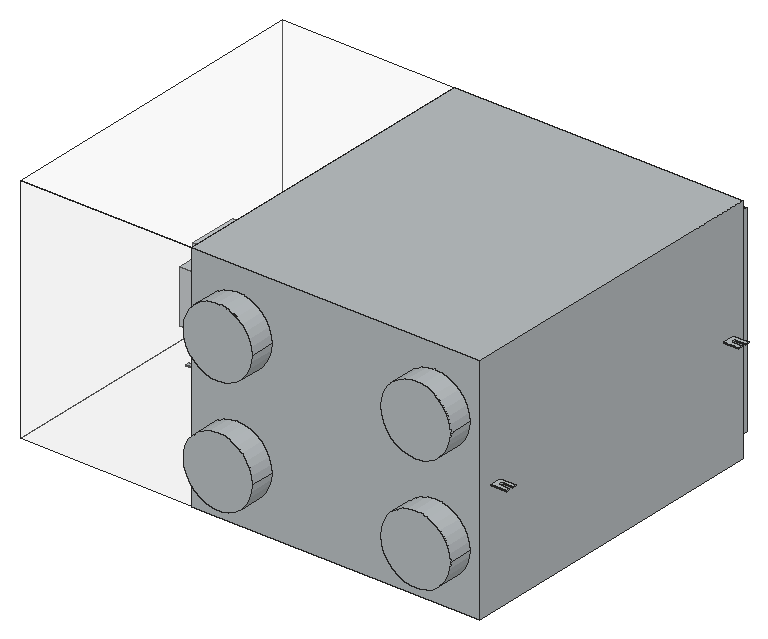
Revit family "lgh-n150_200rxvd-c_60Hz", category 機械設備, Revit 2019
Family settings
  丸型コネクタ寸法 = 直径を使用
  パーツ タイプ = 標準
  OmniClass 番号 = 23.75.10.34.21
  OmniClass タイトル = Heat Exchangers for Ventilation Air
  作業面ベース = いいえ
  常に垂直 = はい
  ロード時にボイドで切り取り = いいえ
  共有 = いいえ
  部屋計算ポイント = はい
Parameters (values of type "LGH-N150RXVD-C")
  騒音レベル(dB(A)) = 38.5
  風量 = 1500.0 m³/h
  面風速 = 8.5 m/s
  電源種別 [instance] = "一般"
  電圧 = 200 V
  電動機出力 = 0 W
  集中コントローラ = ""
  運転質量 = 0.00 kg
  連動 [instance] = ""
  質量 = if(製品質量 > 運転質量, 製品質量, 運転質量) * 1.2  # 128.40 kg
  負荷分類 = 3_ファン類
  説明 = "業務用ロスナイ 天井埋込形 DCマイコン CO2センサー付"
  設計風量 = 0.0 m³/h
  設置方法 = "天井吊(隠ぺい)形"
  記号 [instance] = ""
  製造元 = "三菱電機株式会社"
  製品質量 = 107.00 kg
  製品出荷対象 = "国内"
  製品リリース年月 = "2020/10/1"
  製品グループ = ""
  系統 [instance] = ""
  符号 = "HEU"
  積算_科目 = "1 空気調和設備"
  積算_拾い区分 [instance] = ""
  相 = 1
  盤記号 [instance] = ""
  発停方法 [instance] = "別売リモコン"
  特殊仕様 [instance] = ""
  点検口高さ = -Height  # -808 mm
  点検口離隔 = 150 mm
  点検口_Depth = 450 mm
  点検口 = yes
  火災停止 [instance] = ""
  温度交換効率 = 74.00%
  消費電力 = 900 W
  法定耐用年数 = "15"
  機外静圧_排気 = 275.0 Pa
  機外静圧 = 275.0 Pa
  極数 = 3
  材質 [instance] = ""
  本体マテリアル = 溶融亜鉛めっき鋼板
  操作・制御方式 = ""
  操作・制御スイッチ = ""
  排気量 = 0.0 m³/h
  形式 = "天井埋込ダクト形"
  幹線記号 [instance] = ""
  対象室 [instance] = ""
  実風量 = 0.0 m³/h
  始動方式 [instance] = "直入"
  天吊金具_径 = 7.5 mm
  天吊金具_幅 = 30 mm
  外気量 = 0.0 m³/h
  呼称 = "全熱交換ユニット"
  周波数 = 60 Hz
  天吊金具ピッチ2 = 1015 mm
  天吊金具ピッチ1 = 1057 mm
  天吊金具_高さ = 404 mm
  参照している仕様書等のバージョン = ""
  初期抵抗 = 0.0 Pa
  分類コード = "50052504100070"
  分類グループ = ""
  価格 = 1183200
  企業コード = "108420"
  付属品_フィルター_還気 = ""
  付属品_フィルター = ""
  付属品 [instance] = ""
  仕様書バージョン = "Version1.0"
  モデル = "LGH-N150RXVD-C"
  メンテナンススペース = yes
  コメント [instance] = ""
  Keynote = ""
  エンタルピ交換効率_暖房 = 76.00%
  エンタルピ交換効率_冷房 = 66.00%
  Assembly Code = ""
  Width = 1004 mm
  Version = ""
  Uniclass2015Version = "Systems v1.9"
  Uniclass2015Title = "Thermal wheels"
  Uniclass2015Code = "Pr_60_60_36_88"
  URL = "https://www.mitsubishielectric.co.jp/ldg/wink/ssl/displayProduct.do?pid=309790"
  SpecificationReference = ""
  SpecificationDescription = ""
  Sensor_Width = 184 mm
  Sensor_D = 176 mm
  Sensor_Height = 183 mm
  Sensor_H = 201 mm
  Sensor_Depth = 115 mm
  SMAX風量 = 1500.0 m³/h
  SMAX静圧 = 275.0 Pa
  SAサイズ_D = 242 mm
  Revision = ""
  RAサイズ_D = 242 mm
  ProductInformation = ""
  OmniClassCode = "23-27 23 19 11"
  OAサイズ_W = 270 mm
  OAサイズ_D = 700 mm
  MIN風量 = 660.0 m³/h
  MIN静圧 = 47.0 Pa
  MID風量 = 1080.0 m³/h
  MID静圧 = 127.0 Pa
  MAX風量 = 1500.0 m³/h
  MAX静圧 = 245.0 Pa
  IfcTypeProduct = ""
  IfcProduct = ""
  IfcExportType = "ROTARYWHEEL"
  IfcExportAs = "IfcAirToAirHeatRecoveryType"
  Height = 808 mm
  EAサイズ_W = 270 mm
  EAサイズ_D = 700 mm
  Duct_Pitch = 690 mm
  Duct_Height = 202 mm
  Duct_Depth_SA_RA = 84 mm
  Duct_Depth_OA_EA = 49 mm
  Depth = 1144 mm
  Clearance Top = 0 mm
  Clearance Left = 600 mm
  Clearance Bottom = 0 mm
  Box_Width = 115 mm
  Box_Height = 669 mm
  Box_H = 88 mm
  Box_Depth = 175 mm
  Box_D = 145 mm
  Author = "三菱電機株式会社"
Types (2, lengths in mm): name | 騒音レベル(dB(A)) | 風量 | 面風速 | 質量 | 製品質量 | 温度交換効率 | 消費電力 | 機外静圧_排気 | 機外静圧 | 天吊金具ピッチ1 | 価格 | モデル | エンタルピ交換効率_暖房 | エンタルピ交換効率_冷房 | Width | URL | SMAX風量 | SMAX静圧 | MIN風量 | MIN静圧 | MID風量 | MID静圧 | MAX風量 | MAX静圧 | Duct_Pitch
  LGH-N150RXVD-C | 38.5 | 1500.0 m³/h | 8.5 m/s | 128.40 kg | 107.00 kg | 74.00% | 900 W | 275.0 Pa | 275.0 Pa | 1057 | 1183200 | "LGH-N150RXVD-C" | 76.00% | 66.00% | 1004 | "https://www.mitsubishielectric.co.jp/ldg/wink/ssl/displayProduct.do?pid=309790" | 1500.0 m³/h | 275.0 Pa | 660.0 m³/h | 47.0 Pa | 1080.0 m³/h | 127.0 Pa | 1500.0 m³/h | 245.0 Pa | 690
  LGH-N200RXVD-C | 41 | 2000.0 m³/h | 11.3 m/s | 140.40 kg | 117.00 kg | 73.00% | 1160 W | 225.0 Pa | 225.0 Pa | 1284 | 1321200 | "LGH-N200RXVD-C" | 75.00% | 65.00% | 1231 | "https://www.mitsubishielectric.co.jp/ldg/wink/ssl/displayProduct.do?pid=309792" | 2000.0 m³/h | 225.0 Pa | 880.0 m³/h | 32.0 Pa | 1440.0 m³/h | 86.0 Pa | 2000.0 m³/h | 165.0 Pa | 917
Reference planes
  plane 1 "中心(正面/背面)": y = 0
  plane 2: z = 0
  plane 3 "中心(左/右)": x = 0
  plane 4: x = -502
  plane 5: x = 502
  plane 6: y = 572
  plane 7: y = -572
  plane 8: z = -808
  plane 9: z = -202
  plane 10: x = -345
  plane 11: x = 345
  plane 12: y = -656
  plane 13: y = 621
  plane 14: x = -586
  plane 15: x = 586
  plane 16: x = -1102
  plane 17: y = -427
  plane 18: y = -252
  plane 19: z = -88
  plane 20: z = -757
  plane 21: x = -617
  plane 22: x = -652
  plane 23: y = 225
  plane 24: x = -528.5
  plane 25: x = 528.5
  plane 26: y = 507.5
  plane 27: y = -507.5
  plane 28: y = -225
  plane 29: x = -558.5
  plane 30: y = 527.5
  plane 31: y = 487.5
  plane 32: y = -487.5
  plane 33: y = -527.5
  plane 34: z = -5
  plane 35: z = -404
  plane 36: z = -407
  plane 37: x = 558.5
  plane 38: z = -404
  plane 39: x = 480
  plane 40: x = 210
  plane 41: x = -480
  plane 42: x = -210
  plane 43: z = -54
  plane 44: z = -754
  plane 45: z = -54
  plane 46: z = -754
  plane 47: z = -606
  plane 48: y = -396
  plane 49: y = -281
  plane 50: z = -201
  plane 51: z = -384
  plane 52: x = -686
  plane 53: z = 0
  plane 54: z = -808
Forms (mm)
  Extrusion 1, solid, material "溶融亜鉛めっき鋼板" <- "本体マテリアル", detail levels fine
    sketch origin (0, 0, 0) x (1, 0, 0) y (0, 1, 0)
      loop
        line (-502, 572) -> (-502, -572) -> (502, -572) -> (502, 572) -> (-502, 572)
    from 0 to -808
  Extrusion 2, solid, material "溶融亜鉛めっき鋼板" <- "本体マテリアル", detail levels fine
    sketch origin (502, -572, 0) x (-1, 0, 0) y (0, 0, -1)
      loop
        circle (847, 202) r 121
    from 0 to 84
  Extrusion 3, solid, material "溶融亜鉛めっき鋼板" <- "本体マテリアル", detail levels fine
    sketch origin (510, -445, 0) x (-1, 0, 0) y (0, 0, -1)
      loop
        circle (165, 202) r 121
    from 127 to 211
  Extrusion 4, solid, material "溶融亜鉛めっき鋼板" <- "本体マテリアル", detail levels fine
    sketch origin (-502, -572, 0) x (0, 1, 0) y (0, 0, -1)
      loop
        line (320, 88) -> (320, 757) -> (145, 757) -> (145, 88) -> (320, 88)
    from 0 to 115
  Extrusion 5, solid, material "溶融亜鉛めっき鋼板" <- "本体マテリアル", detail levels fine
    sketch origin (0, 0, 0) x (1, 0, 0) y (0, 1, 0)
      loop
        line (-558.5, 527.5) -> (-558.5, 515) -> (-528.5, 515)
        arc (-528.5, 515) -> (-521, 507.5) -> (-528.5, 500) r 7.5
        line (-528.5, 500) -> (-558.5, 500) -> (-558.5, 487.5) -> (-502, 487.5) -> (-502, 527.5) -> (-558.5, 527.5)
    from -404 to -407
  Extrusion 6, solid, material "溶融亜鉛めっき鋼板" <- "本体マテリアル", detail levels fine
    sketch origin (0, 0, 0) x (1, 0, 0) y (0, 1, 0)
      loop
        line (-558.5, -527.5) -> (-502, -527.5) -> (-502, -487.5) -> (-558.5, -487.5) -> (-558.5, -500) -> (-528.5, -500)
        arc (-528.5, -500) -> (-521, -507.5) -> (-528.5, -515) r 7.5
        line (-528.5, -515) -> (-558.5, -515) -> (-558.5, -527.5)
    from -404 to -407
  Extrusion 7, solid, material "溶融亜鉛めっき鋼板" <- "本体マテリアル", detail levels fine
    sketch origin (0, 0, 0) x (-1, 0, 0) y (0, -1, 0)
      loop
        line (-558.5, 527.5) -> (-558.5, 515) -> (-528.5, 515)
        arc (-528.5, 515) -> (-521, 507.5) -> (-528.5, 500) r 7.5
        line (-528.5, 500) -> (-558.5, 500) -> (-558.5, 487.5) -> (-502, 487.5) -> (-502, 527.5) -> (-558.5, 527.5)
    from -404 to -407
  Extrusion 8, solid, material "溶融亜鉛めっき鋼板" <- "本体マテリアル", detail levels fine
    sketch origin (0, 0, 0) x (-1, 0, 0) y (0, -1, 0)
      loop
        line (-558.5, -527.5) -> (-502, -527.5) -> (-502, -487.5) -> (-558.5, -487.5) -> (-558.5, -500) -> (-528.5, -500)
        arc (-528.5, -500) -> (-521, -507.5) -> (-528.5, -515) r 7.5
        line (-528.5, -515) -> (-558.5, -515) -> (-558.5, -527.5)
    from -404 to -407
  Extrusion 9, solid, material "溶融亜鉛めっき鋼板" <- "本体マテリアル", detail levels fine
    sketch origin (0, 0, 0) x (1, 0, 0) y (0, 0, 1)
      loop
        circle (-345, -606) r 121
    from 572 to 656
  Extrusion 10, solid, material "溶融亜鉛めっき鋼板" <- "本体マテリアル", detail levels fine
    sketch origin (0, 0, 0) x (1, 0, 0) y (0, 0, 1)
      loop
        circle (345, -606) r 121
    from 572 to 656
  Extrusion 11, solid, material "溶融亜鉛めっき鋼板" <- "本体マテリアル", detail levels fine
    sketch origin (0, 0, 0) x (1, 0, 0) y (0, 0, 1)
      loop
        line (480, -754) -> (480, -54) -> (210, -54) -> (210, -754) -> (480, -754)
    from -621 to -572
  Extrusion 12, solid, material "溶融亜鉛めっき鋼板" <- "本体マテリアル", detail levels fine
    sketch origin (0, 0, 0) x (1, 0, 0) y (0, 0, 1)
      loop
        line (-480, -754) -> (-210, -754) -> (-210, -54) -> (-480, -54) -> (-480, -754)
    from -621 to -572
  Extrusion 13, solid, material "溶融亜鉛めっき鋼板" <- "本体マテリアル", detail levels fine
    sketch origin (0, 0, 0) x (0, 1, 0) y (0, 0, 1)
      loop
        line (-281, -201) -> (-396, -201) -> (-396, -384) -> (-281, -384) -> (-281, -201)
    from -686 to -617
Lines and regions (mm)
  Masking region 1, detail levels coarse+medium
    outline origin (1326.5, 29, 0) x (1, 0, 0) y (0, 1, 0)
      loop
        line (-1828.5, 543) -> (-1828.5, -601) -> (-824.5, -601) -> (-824.5, 543) -> (-1828.5, 543)
  symbolic lines, detail levels coarse+medium
    curve 1: line (0, 572, 0) -> (-502, 0, 0)
    curve 2: line (-502, 0, 0) -> (0, -572, 0)
    curve 3: line (0, -572, 0) -> (502, 0, 0)
    curve 4: line (502, 0, 0) -> (0, 572, 0)
Dimensions and locks
  equal spacing: plane 4, plane 3 "中心(左/右)", plane 5
  "Width": plane 4 to plane 5
  equal spacing: plane 6, plane 1 "中心(正面/背面)", plane 7
  "Depth": plane 6 to plane 7
  "Height": level to plane 8
  "Duct_Height": level to plane 9
  equal spacing: plane 11, plane 3 "中心(左/右)", plane 10
  "Duct_Pitch": plane 11 to plane 10
  "Duct_Depth_OA_EA": plane 13 to plane 6
  "Duct_Depth_SA_RA": plane 7 to plane 12
  "Duct_Depth_SA_RA": plane 5 to plane 15
  "Duct_Depth_SA_RA": plane 14 to plane 4
  "Clearance Left": plane 16 to plane 4
  "Box_H": level to plane 19
  "Box_Height": plane 19 to plane 20
  "Box_D": plane 17 to plane 7
  "Box_Depth": plane 18 to plane 17
  "Box_Width": plane 21 to plane 4
  "点検口離隔": plane 22 to plane 4
  equal spacing: plane 24, plane 3 "中心(左/右)", plane 25
  "天吊金具ピッチ1": plane 24 to plane 25
  equal spacing: plane 26, plane 1 "中心(正面/背面)", plane 27
  "天吊金具ピッチ2": plane 26 to plane 27
  equal spacing: plane 23, plane 1 "中心(正面/背面)", plane 28
  "点検口_Depth": plane 23 to plane 28
  equal spacing: plane 30, plane 26, plane 31
  locked: plane 30 to plane 31 at 40
  "天吊金具_幅": plane 29 to plane 24
  "天吊金具_高さ": level to plane 35
  locked: plane 35 to plane 36 at 3
  equal spacing: plane 32, plane 27, plane 33
  locked: plane 32 to plane 33 at 40
  "天吊金具_幅": plane 25 to plane 37
  equal spacing: plane 8, plane 38, level
  equal spacing: plane 40, plane 11, plane 39
  "EAサイズ_W": plane 40 to plane 39
  equal spacing: plane 42, plane 10, plane 41
  "OAサイズ_W": plane 42 to plane 41
  equal spacing: plane 44, plane 38, plane 43
  "EAサイズ_D": plane 44 to plane 43
  "OAサイズ_D": plane 46 to plane 45
  equal spacing: plane 46, plane 38, plane 45
  "Duct_Height": plane 38 to plane 47
  "Sensor_D": plane 48 to plane 7
  "Sensor_Depth": plane 49 to plane 48
  "Sensor_H": level to plane 50
  "Sensor_Height": plane 50 to plane 51
  "Sensor_Width": plane 52 to plane 4
  "Clearance Bottom": plane 8 to plane 54
  "Clearance Top": plane 53 to level
  "RAサイズ_D": diameter of Extrusion 3 sketch curve
  "天吊金具_径": radius of Extrusion 5 sketch curve
  "天吊金具_径": radius of Extrusion 6 sketch curve
  "天吊金具_径": radius of Extrusion 7 sketch curve
  "天吊金具_径": radius of Extrusion 8 sketch curve
  "SAサイズ_D": diameter of Extrusion 9 sketch curve
  "RAサイズ_D": diameter of Extrusion 10 sketch curve
  "SAサイズ_D": diameter of Extrusion 2 sketch curve
  aligned and locked: level to plane 2
  aligned and locked: Extrusion 1 to plane 8
  aligned and locked: Extrusion 2 to plane 12
  aligned and locked: plane 7 to Extrusion 2
  aligned and locked: plane 7 to Extrusion 3
  aligned and locked: Extrusion 3 to plane 12
  aligned and locked: plane 16 to nested 1
  aligned and locked: plane 4 to nested 1
  aligned and locked: nested 1 to plane 6
  aligned and locked: nested 1 to plane 7
  aligned and locked: Extrusion 4 to plane 21
  aligned and locked: plane 4 to Extrusion 4
  aligned and locked: Masking region 1 to plane 4
  aligned and locked: plane 5 to Masking region 1
  aligned and locked: plane 6 to Masking region 1
  aligned and locked: Masking region 1 to plane 7
  aligned and locked: plane 25 to nested 2
  aligned and locked: plane 24 to nested 2
  aligned and locked: nested 2 to plane 27
  aligned and locked: plane 26 to nested 2
  aligned and locked: Extrusion 4 to plane 18
  aligned and locked: Extrusion 4 to plane 20
  aligned and locked: plane 19 to Extrusion 4
  aligned and locked: Extrusion 4 to plane 17
  aligned and locked: plane 22 to nested 3
  aligned and locked: plane 16 to nested 3
  aligned and locked: plane 23 to nested 3
  aligned and locked: nested 3 to plane 28
  aligned and locked: plane 29 to Extrusion 5 sketch curve  (x2)
  aligned and locked: Extrusion 5 sketch curve to plane 4
  aligned and locked: plane 31 to Extrusion 5 sketch curve
  aligned and locked: Extrusion 5 sketch curve to plane 30
  aligned and locked: Extrusion 5 to plane 35
  aligned and locked: Extrusion 5 to plane 36
  aligned and locked: Extrusion 6 sketch curve to plane 29  (x2)
  aligned and locked: plane 32 to Extrusion 6 sketch curve
  aligned and locked: Extrusion 6 sketch curve to plane 33
  aligned and locked: plane 4 to Extrusion 6 sketch curve
  aligned and locked: plane 35 to Extrusion 6
  aligned and locked: Extrusion 6 to plane 36
  aligned and locked: plane 37 to Extrusion 7 sketch curve  (x2)
  aligned and locked: Extrusion 7 sketch curve to plane 32
  aligned and locked: plane 33 to Extrusion 7 sketch curve
  aligned and locked: plane 5 to Extrusion 7 sketch curve
  aligned and locked: Extrusion 7 to plane 36
  aligned and locked: plane 35 to Extrusion 7
  aligned and locked: Extrusion 8 sketch curve to plane 37  (x2)
  aligned and locked: Extrusion 8 sketch curve to plane 31
  aligned and locked: plane 30 to Extrusion 8 sketch curve
  aligned and locked: Extrusion 8 sketch curve to plane 5
  aligned and locked: plane 35 to Extrusion 8
  aligned and locked: Extrusion 8 to plane 36
  aligned and locked: Extrusion 9 to plane 12
  aligned and locked: plane 7 to Extrusion 9
  aligned and locked: Extrusion 10 to plane 12
  aligned and locked: plane 7 to Extrusion 10
  aligned and locked: plane 44 to Extrusion 11 sketch curve
  aligned and locked: plane 39 to Extrusion 11 sketch curve
  aligned and locked: Extrusion 11 sketch curve to plane 43
  aligned and locked: Extrusion 11 sketch curve to plane 40
  aligned and locked: Extrusion 12 sketch curve to plane 46
  aligned and locked: Extrusion 12 sketch curve to plane 41
  aligned and locked: plane 45 to Extrusion 12 sketch curve
  aligned and locked: plane 42 to Extrusion 12 sketch curve
  aligned and locked: plane 13 to Extrusion 12
  aligned and locked: Extrusion 12 to plane 6
  aligned and locked: plane 13 to Extrusion 11
  aligned and locked: Extrusion 11 to plane 6
  aligned and locked: plane 50 to Extrusion 13 sketch curve
  aligned and locked: Extrusion 13 sketch curve to plane 49
  aligned and locked: Extrusion 13 sketch curve to plane 51
  aligned and locked: plane 48 to Extrusion 13 sketch curve
  aligned and locked: Extrusion 13 to Extrusion 4
  aligned and locked: plane 52 to Extrusion 13
  aligned and locked: plane 53 to nested 1
  aligned and locked: plane 54 to nested 1
Automatic sketch dimensions
  plane 1 "中心(正面/背面)" to curve 1 = 0 mm
  curve 1 to plane 4 = 0 mm
  curve 2 to plane 3 "中心(左/右)" = 0 mm
  curve 4 to plane 3 "中心(左/右)" = 0 mm
  plane 1 "中心(正面/背面)" to curve 4 = 0 mm
  curve 4 to plane 5 = 0 mm
  curve 2 to plane 7 = 0 mm
  curve 4 to plane 6 = 0 mm
  Extrusion 1 sketch curve to plane 4 = 0 mm
  Extrusion 1 sketch curve to plane 5 = 0 mm
  Extrusion 1 sketch curve to plane 7 = 0 mm
  Extrusion 1 sketch curve to plane 6 = 0 mm
  Extrusion 3 sketch curve to plane 9 = 0 mm
  Extrusion 3 sketch curve to plane 11 = 0 mm
  Extrusion 4 sketch curve to Extrusion 1 = 145 mm
  Extrusion 1 to Extrusion 4 sketch curve = 51 mm
  Extrusion 4 sketch curve to Extrusion 4 sketch curve = 175 mm
  Extrusion 1 to Extrusion 4 sketch curve = 88 mm
  Masking region 1 sketch curve to plane 4 = 0 mm
  Masking region 1 sketch curve to plane 5 = 0 mm
  Masking region 1 sketch curve to plane 7 = 0 mm
  Masking region 1 sketch curve to plane 6 = 0 mm
  Extrusion 9 sketch curve to plane 10 = 0 mm
  Extrusion 9 sketch curve to plane 47 = 0 mm
  Extrusion 10 sketch curve to plane 11 = 0 mm
  Extrusion 10 sketch curve to plane 47 = 0 mm
  Extrusion 1 to Extrusion 2 sketch curve = 157 mm
  Extrusion 1 to Extrusion 2 sketch curve = 202 mm
  Extrusion 5 sketch curve to plane 24 = 0 mm
  Extrusion 5 sketch curve to plane 26 = 0 mm
  Extrusion 6 sketch curve to plane 24 = 0 mm
  Extrusion 6 sketch curve to plane 27 = 0 mm
  Extrusion 7 sketch curve to plane 25 = 0 mm
  Extrusion 7 sketch curve to plane 27 = 0 mm
  Extrusion 8 sketch curve to plane 25 = 0 mm
  Extrusion 8 sketch curve to plane 26 = 0 mm
Nested families
  nested 1: "メンテナンススペース" at (-802, 0, -404), visible <- "メンテナンススペース", type "メンテナンススペース"
    with Width 600 mm, Height 808 mm, Depth 1144 mm
  nested 2: "固定点" at (-528.5, -507.5, 0), type "固定点"
    with W 1057 mm, D 1015 mm
  nested 3: "点検口設置範囲" at (-877, 0, -808), built-in parameter 1001364 <- "点検口高さ", visible <- "点検口", type "点検口設置範囲"
    with Width 450 mm, Depth 450 mm
Connectors
  hvac at (-345, -656, -202), driven by "SAサイズ_D", driven by "機外静圧", driven by "風量"
    settings: on Extrusion 2, index 1, duct flow 1500.0 m³/h, flow factor 0, pres drop 275.0 Pa, loss coef 0, conn angle 0.00°, conn width 304.8 mm, conn height 304.8 mm, conn diameter 242 mm, duct sys type 1, conn prof type 0, flow config 0, flow direction 2, loss method 4, conn ref index -1, conn util no, is conn primary yes, conn desc ""
  hvac at (345, -656, -202), driven by "RAサイズ_D", driven by "機外静圧", driven by "風量"
    settings: on Extrusion 3, index 2, duct flow 1500.0 m³/h, flow factor 0, pres drop 275.0 Pa, loss coef 0, conn angle 0.00°, conn width 304.8 mm, conn height 304.8 mm, conn diameter 242 mm, duct sys type 2, conn prof type 0, flow config 0, flow direction 1, loss method 4, conn ref index -1, conn util no, is conn primary no, conn desc ""
  electrical at (-559.5, -427, -422.5), driven by "負荷分類", driven by "極数", driven by "電圧", driven by "消費電力"
    settings: on Extrusion 4, index 7, voltage 200 V, apparent load 900 VA, apparent load phase1 0 VA, apparent load phase2 0 VA, apparent load phase3 0 VA, power factor 1, load classification "3_ファン類", number of poles 3, system type 30, power factor state 1, is connector primary yes, connector utility no, sub classification motor no, connector description ""
  hvac at (-345, -656, -606), driven by "SAサイズ_D", driven by "機外静圧", driven by "風量"
    settings: on Extrusion 9, index 8, duct flow 1500.0 m³/h, flow factor 0, pres drop 275.0 Pa, loss coef 0, conn angle 0.00°, conn width 304.8 mm, conn height 304.8 mm, conn diameter 242 mm, duct sys type 1, conn prof type 0, flow config 0, flow direction 2, loss method 4, conn ref index -1, conn util no, is conn primary no, conn desc ""
  hvac at (345, -656, -606), driven by "RAサイズ_D", driven by "機外静圧", driven by "風量"
    settings: on Extrusion 10, index 9, duct flow 1500.0 m³/h, flow factor 0, pres drop 275.0 Pa, loss coef 0, conn angle 0.00°, conn width 304.8 mm, conn height 304.8 mm, conn diameter 242 mm, duct sys type 2, conn prof type 0, flow config 0, flow direction 1, loss method 4, conn ref index -1, conn util no, is conn primary no, conn desc ""
  hvac at (345, 621, -404), driven by "EAサイズ_D", driven by "EAサイズ_W", driven by "機外静圧_排気", driven by "排気量"
    settings: on Extrusion 11, index 10, duct flow 0.0 m³/h, flow factor 0, pres drop 275.0 Pa, loss coef 0, conn angle 0.00°, conn width 270 mm, conn height 700 mm, conn diameter 609.6 mm, duct sys type 3, conn prof type 1, flow config 0, flow direction 2, loss method 4, conn ref index -1, conn util no, is conn primary no, conn desc ""
  hvac at (-345, 621, -404), driven by "OAサイズ_W", driven by "OAサイズ_D", driven by "機外静圧", driven by "風量"
    settings: on Extrusion 12, index 11, duct flow 1500.0 m³/h, flow factor 0, pres drop 275.0 Pa, loss coef 0, conn angle 0.00°, conn width 270 mm, conn height 700 mm, conn diameter 609.6 mm, duct sys type 4, conn prof type 1, flow config 0, flow direction 1, loss method 4, conn ref index -1, conn util no, is conn primary no, conn desc ""
Definition of nested family "メンテナンススペース"
  Parameters (values of type "メンテナンススペース")
    Width [instance] = 500 mm
    Height [instance] = 500 mm
    Depth [instance] = 500 mm
  Reference planes
    plane 1 "中心(正面/背面)": y = 0
    plane 2: z = 0
    plane 3 "中心(左/右)": x = 0
    plane 4: y = -250
    plane 5: x = 250
    plane 6: y = 250
    plane 7: x = -250
    plane 8: z = 250
    plane 9: z = -250
  Forms (mm)
    Extrusion 1, solid
      sketch origin (-638.939, 0, 72.39) x (1, 0, 0) y (0, 1, 0)
        loop
          line (388.939, 250) -> (388.939, -250) -> (888.939, -250) -> (888.939, 250) -> (388.939, 250)
      from -322.39 to 177.61
  Lines and regions (mm)
    symbolic lines
      curve 1: line (-250, 0, 250) -> (250, 0, 250)
      curve 2: line (-250, 0, -250) -> (-250, 0, 250)
      curve 3: line (250, 0, -250) -> (-250, 0, -250)
      curve 4: line (250, 0, 250) -> (250, 0, -250)
      curve 5: line (0, -250, 250) -> (0, 250, 250)
      curve 6: line (0, -250, -250) -> (0, -250, 250)
      curve 7: line (0, 250, -250) -> (0, -250, -250)
      curve 8: line (0, 250, 250) -> (0, 250, -250)
      curve 9: line (-250, 250, 0) -> (250, 250, 0)
      curve 10: line (-250, -250, 0) -> (-250, 250, 0)
      curve 11: line (250, -250, 0) -> (-250, -250, 0)
      curve 12: line (250, 250, 0) -> (250, -250, 0)
  Dimensions and locks
    equal spacing: plane 7, plane 3 "中心(左/右)", plane 5
    equal spacing: plane 4, plane 1 "中心(正面/背面)", plane 6
    "Depth": plane 4 to plane 6
    "Width": plane 7 to plane 5
    equal spacing: plane 8, plane 2, plane 9
    "Height": plane 8 to plane 9
    aligned and locked: plane 9 to curve 3
    aligned and locked: plane 7 to curve 2
    aligned and locked: curve 4 to plane 5
    aligned and locked: plane 5 to Extrusion 1
    aligned and locked: Extrusion 1 to plane 7
    aligned and locked: Extrusion 1 to plane 9
    aligned and locked: plane 8 to Extrusion 1
    aligned and locked: plane 9 to curve 7
  Automatic sketch dimensions
    plane 4 to Extrusion 1 sketch curve = 0 mm
    Extrusion 1 sketch curve to plane 7 = 0 mm
    Extrusion 1 sketch curve to plane 5 = 0 mm
    plane 6 to Extrusion 1 sketch curve = 0 mm
    curve 2 to plane 8 = 0 mm
    plane 4 to curve 11 = 0 mm
    curve 11 to plane 7 = 0 mm
    curve 11 to plane 5 = 0 mm
    plane 6 to curve 10 = 0 mm
    curve 7 to plane 4 = 0 mm
    curve 7 to plane 6 = 0 mm
    curve 6 to plane 8 = 0 mm
Definition of nested family "固定点"
  Parameters (values of type "固定点")
    中心円 = 20 mm
    W [instance] = 1000 mm
    D [instance] = 1000 mm
  Reference planes
    plane 1 "中心(正面/背面)": y = 0
    plane 2: z = 0
    plane 3 "中心(左/右)": x = 0
    plane 4: x = 1000
    plane 5: y = 1000
  Lines and regions (mm)
    symbolic lines, detail levels fine
      curve 1: circle (0, 1000, 0) r 10 normal (0, 0, 1)
      curve 2: circle (0, 0, 0) r 10 normal (0, 0, 1)
      curve 3: circle (1000, 1000, 0) r 10 normal (0, 0, 1)
      curve 4: circle (1000, 0, 0) r 10 normal (0, 0, 1)
      curve 5: line (-200, 1000, 0) -> (1200, 1000, 0)
      curve 6: line (-200, 0, 0) -> (1200, 0, 0)
      curve 7: line (0, 1200, 0) -> (0, -200, 0)
      curve 8: line (1000, 1200, 0) -> (1000, -200, 0)
  Dimensions and locks
    "W": plane 3 "中心(左/右)" to plane 4
    "D": plane 1 "中心(正面/背面)" to plane 5
    "中心円": diameter of curve 1
    "中心円": diameter of curve 2
    "中心円": diameter of curve 3
    "中心円": diameter of curve 4
    aligned and locked: level to plane 2
    aligned and locked: plane 5 to curve 1
    aligned and locked: plane 3 "中心(左/右)" to curve 1
    aligned and locked: plane 3 "中心(左/右)" to curve 2
    aligned and locked: plane 1 "中心(正面/背面)" to curve 2
    aligned and locked: plane 4 to curve 3
    aligned and locked: plane 5 to curve 3
    aligned and locked: plane 1 "中心(正面/背面)" to curve 4
    aligned and locked: plane 4 to curve 4
    aligned and locked: plane 1 "中心(正面/背面)" to curve 6
    aligned and locked: curve 7 to plane 3 "中心(左/右)"
    aligned and locked: curve 8 to plane 4
  Automatic sketch dimensions
    curve 5 to plane 5 = 0 mm
    curve 6 to plane 3 "中心(左/右)" = 200 mm
    curve 5 to plane 3 "中心(左/右)" = 200 mm
    curve 4 to curve 6 = 200 mm
    curve 3 to curve 5 = 200 mm
    plane 1 "中心(正面/背面)" to curve 8 = 200 mm
    plane 1 "中心(正面/背面)" to curve 7 = 200 mm
    curve 3 to curve 8 = 200 mm
    curve 1 to curve 7 = 200 mm
Definition of nested family "点検口設置範囲"
  Parameters (values of type "点検口設置範囲")
    Width [instance] = 1000 mm
    Depth [instance] = 700 mm
  Reference planes
    plane 1 "中心(正面/背面)": y = 0
    plane 2: z = 0
    plane 3 "中心(左/右)": x = 0
    plane 4: x = -500
    plane 5: x = 500
    plane 6: y = -350
    plane 7: y = 350
  Lines and regions (mm)
    model lines
      curve 1: line (-500, 350, 0) -> (500, 350, 0)
      curve 2: line (-500, -350, 0) -> (-500, 350, 0)
      curve 3: line (500, -350, 0) -> (-500, -350, 0)
      curve 4: line (500, 350, 0) -> (500, -350, 0)
  Dimensions and locks
    "Depth": plane 7 to plane 6
    "Width": plane 4 to plane 5
    equal spacing: plane 7, plane 1 "中心(正面/背面)", plane 6
    equal spacing: plane 4, plane 3 "中心(左/右)", plane 5
    aligned and locked: level to plane 2
    aligned and locked: plane 4 to curve 2
    aligned and locked: curve 1 to plane 7
    aligned and locked: curve 4 to plane 5
    aligned and locked: plane 6 to curve 3
